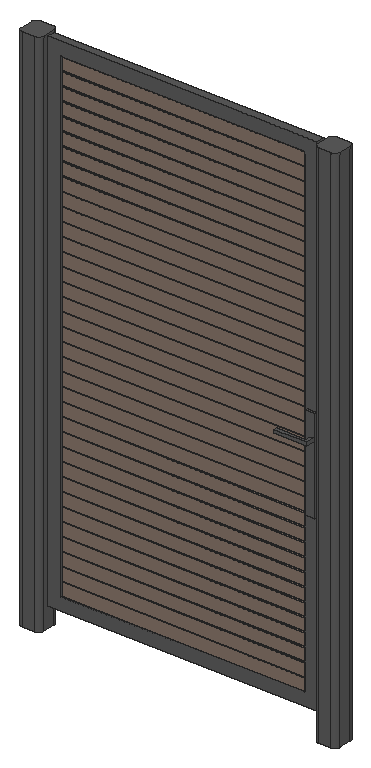
Revit family "NewTechWood-UltraEasy_Fencing-Gate", category Specialty Equipment, Revit 2026
Family settings
  Round Connector Dimension = Use Diameter
  Part Type = Normal
  Work Plane-Based = No
  Enable Cutting in Views = No
  Always vertical = Yes
  Cut with Voids When Loaded = No
  Maintain Annotation Orientation = No
  Shared = No
  Room Calculation Point = No
Parameters (values of type "UH66")
  Width = 37.79528"  # constant formula
  Right Post Sleeve Masking Region [instance] = Right Post Sleeve  # yes
  Left Post Sleeve Masking Region [instance] = Left Post Sleeve  # yes
  Frame Thickness = 1.10236"  # constant formula
  Post Height = 74.80315"  # constant formula
  Panel Thickness = 0.82677"  # constant formula
  URL = "https://www.newtechwood.com/"
  Trim Material [instance] = Arcat - NewTechWood - Black Matte
  Specification = ""
  SpecWizard = ""
  Sales Information = "https://www.newtechwood.com/contact-us/"
  Right Post Sleeve [instance] = yes
  Product Properties = ""
  Product Data = "https://www.arcat.com/arcatcos/cos52/arc52279.html"
  Post Sleeve Material [instance] = Arcat - NewTechWood - Black Matte
  Panel Length = Post Center To Post Center - (1.5748" * 2)  # 38.46457"
  Model = "Fence Gate UH66"
  Manufacturer Phone - Toll Free = "1-866-728-5273"
  Manufacturer Phone = "1-281-570-6450"
  Manufacturer Fax = "1-281-661-1167"
  Manufacturer Email = "inquiry@newtechwood.com"
  Manufacturer Address = "15912 International Plaza Drive, Houston, Texas 77032"
  Manufacturer = "NewTechWood America Inc."
  Post Center To Post Center = 41.61417"  # constant formula
  Left Post Sleeve [instance] = yes
  Installation-Fabrication = "https://www.newtechwood.com/product/fence-gates/"
  Gate Height = 71.65354"  # constant formula
  Green Building-LEED = ""
  Fence Board Material [instance] = Arcat - NewTechWood - TK - Peruvian Teak
  Description = "UltraShield® Naturale™ UltraEasy Fence Gate, 38\" Width x 72\" Height x 1.125\" Thickness, With Capped Composite Board, 6\" Height x 0.8\" Thickness x 34\" Width"
  Default Elevation = 0"
  Copyright = "© 2025 ARCAT"  # constant formula
  Construction Details = "https://www.arcat.com/company/newtechwood-america-inc-52279/cad"
Reference planes (in)
  plane 1 "Center (Front/Back)": y = 0
  plane 2: z = 0
  plane 3 "Center (Left/Right)": x = 0
  plane 4 "Top": z = 74.80315
  plane 5 "Left": x = -20.80709
  plane 6 "Right": x = 20.80709
  plane 7 "Left Frame": x = -18.89764
  plane 8 "Right Frame": x = 18.89764
  plane 9 "Bottom Frame": z = 3.14961
  plane 10 "Middle": z = 37.40157
Forms (in)
  Extrusion 1, solid, material "Arcat - NewTechWood - TK - Peruvian Teak" <- "Fence Board Material"
    sketch origin (0, 0, 0) x (0, 1, 0) y (0, 0, 1)
      loop
        line (0.41339, 6.69291) -> (0.21654, 6.69291) -> (0.21654, 6.85039) -> (0.41339, 6.85039) -> (0.41339, 8.58268) -> (0.21654, 8.58268) -> (0.21654, 8.74016) -> (0.41339, 8.74016) -> (0.41339, 10.47244) -> (0.21654, 10.47244) -> (0.21654, 10.62992) -> (0.41339, 10.62992) -> (0.41339, 12.3622) -> (0.21654, 12.3622) -> (0.21654, 12.51969) -> (0.41339, 12.51969) -> (0.41339, 14.25197) -> (0.21654, 14.25197) -> (0.21654, 14.40945) -> (0.41339, 14.40945) -> (0.41339, 16.14173) -> (0.21654, 16.14173) -> (0.21654, 16.29921) -> (0.41339, 16.29921) -> (0.41339, 18.0315) -> (0.21654, 18.0315) -> (0.21654, 18.18898) -> (0.41339, 18.18898) -> (0.41339, 19.92126) -> (0.21654, 19.92126) -> (0.21654, 20.07874) -> (0.41339, 20.07874) -> (0.41339, 21.81102) -> (0.21654, 21.81102) -> (0.21654, 21.9685) -> (0.41339, 21.9685) -> (0.41339, 23.70079) -> (0.21654, 23.70079) -> (0.21654, 23.85827) -> (0.41339, 23.85827) -> (0.41339, 25.59055) -> (0.21654, 25.59055) -> (0.21654, 25.74803) -> (0.41339, 25.74803) -> (0.41339, 27.48031) -> (0.21654, 27.48031) -> (0.21654, 27.6378) -> (0.41339, 27.6378) -> (0.41339, 29.37008) -> (0.21654, 29.37008) -> (0.21654, 29.52756) -> (0.41339, 29.52756) -> (0.41339, 31.25984) -> (0.21654, 31.25984) -> (0.21654, 31.41732) -> (0.41339, 31.41732) -> (0.41339, 33.14961) -> (0.21654, 33.14961) -> (0.21654, 33.30709) -> (0.41339, 33.30709) -> (0.41339, 35.03937) -> (0.21654, 35.03937) -> (0.21654, 35.19685) -> (0.41339, 35.19685) -> (0.41339, 36.92913) -> (0.21654, 36.92913) -> (0.21654, 37.08661) -> (0.41339, 37.08661) -> (0.41339, 38.8189) -> (0.21654, 38.8189) -> (0.21654, 38.97638) -> (0.41339, 38.97638) -> (0.41339, 40.70866) -> (0.21654, 40.70866) -> (0.21654, 40.86614) -> (0.41339, 40.86614) -> (0.41339, 42.59843) -> (0.21654, 42.59843) -> (0.21654, 42.75591) -> (0.41339, 42.75591) -> (0.41339, 44.48819) -> (0.21654, 44.48819) -> (0.21654, 44.64567) -> (0.41339, 44.64567) -> (0.41339, 46.37795) -> (0.21654, 46.37795) -> (0.21654, 46.53543) -> (0.41339, 46.53543) -> (0.41339, 48.26772) -> (0.21654, 48.26772) -> (0.21654, 48.4252) -> (0.41339, 48.4252) -> (0.41339, 50.15748) -> (0.21654, 50.15748) -> (0.21654, 50.31496) -> (0.41339, 50.31496) -> (0.41339, 52.04724) -> (0.21654, 52.04724) -> (0.21654, 52.20472) -> (0.41339, 52.20472) -> (0.41339, 53.93701) -> (0.21654, 53.93701) -> (0.21654, 54.09449) -> (0.41339, 54.09449) -> (0.41339, 55.82677) -> (0.21654, 55.82677) -> (0.21654, 55.98425) -> (0.41339, 55.98425) -> (0.41339, 57.71654) -> (0.21654, 57.71654) -> (0.21654, 57.87402) -> (0.41339, 57.87402) -> (0.41339, 59.6063) -> (0.21654, 59.6063) -> (0.21654, 59.76378) -> (0.41339, 59.76378) -> (0.41339, 61.49606) -> (0.21654, 61.49606) -> (0.21654, 61.65354) -> (0.41339, 61.65354) -> (0.41339, 63.38583) -> (0.21654, 63.38583) -> (0.21654, 63.54331) -> (0.41339, 63.54331) -> (0.41339, 65.27559) -> (0.21654, 65.27559) -> (0.21654, 65.43307) -> (0.41339, 65.43307) -> (0.41339, 67.16535) -> (0.21654, 67.16535) -> (0.21654, 67.32283) -> (0.41339, 67.32283) -> (0.41339, 69.05512) -> (0.21654, 69.05512) -> (0.21654, 69.2126) -> (0.41339, 69.2126) -> (0.41339, 70.94488) -> (0.21654, 70.94488) -> (0.21654, 71.10236) -> (0.41339, 71.10236) -> (0.41339, 72.83465) -> (0.21654, 72.83465) -> (0.21654, 72.99213) -> (-0.21654, 72.99213) -> (-0.21654, 72.83465) -> (-0.41339, 72.83465) -> (-0.41339, 71.10236) -> (-0.21654, 71.10236) -> (-0.21654, 70.94488) -> (-0.41339, 70.94488) -> (-0.41339, 69.2126) -> (-0.21654, 69.2126) -> (-0.21654, 69.05512) -> (-0.41339, 69.05512) -> (-0.41339, 67.32283) -> (-0.21654, 67.32283) -> (-0.21654, 67.16535) -> (-0.41339, 67.16535) -> (-0.41339, 65.43307) -> (-0.21654, 65.43307) -> (-0.21654, 65.27559) -> (-0.41339, 65.27559) -> (-0.41339, 63.54331) -> (-0.21654, 63.54331) -> (-0.21654, 63.38583) -> (-0.41339, 63.38583) -> (-0.41339, 61.65354) -> (-0.21654, 61.65354) -> (-0.21654, 61.49606) -> (-0.41339, 61.49606) -> (-0.41339, 59.76378) -> (-0.21654, 59.76378) -> (-0.21654, 59.6063) -> (-0.41339, 59.6063) -> (-0.41339, 57.87402) -> (-0.21654, 57.87402) -> (-0.21654, 57.71654) -> (-0.41339, 57.71654) -> (-0.41339, 55.98425) -> (-0.21654, 55.98425) -> (-0.21654, 55.82677) -> (-0.41339, 55.82677) -> (-0.41339, 54.09449) -> (-0.21654, 54.09449) -> (-0.21654, 53.93701) -> (-0.41339, 53.93701) -> (-0.41339, 52.20472) -> (-0.21654, 52.20472) -> (-0.21654, 52.04724) -> (-0.41339, 52.04724) -> (-0.41339, 50.31496) -> (-0.21654, 50.31496) -> (-0.21654, 50.15748) -> (-0.41339, 50.15748) -> (-0.41339, 48.4252) -> (-0.21654, 48.4252) -> (-0.21654, 48.26772) -> (-0.41339, 48.26772) -> (-0.41339, 46.53543) -> (-0.21654, 46.53543) -> (-0.21654, 46.37795) -> (-0.41339, 46.37795) -> (-0.41339, 44.64567) -> (-0.21654, 44.64567) -> (-0.21654, 44.48819) -> (-0.41339, 44.48819) -> (-0.41339, 42.75591) -> (-0.21654, 42.75591) -> (-0.21654, 42.59843) -> (-0.41339, 42.59843) -> (-0.41339, 40.86614) -> (-0.21654, 40.86614) -> (-0.21654, 40.70866) -> (-0.41339, 40.70866) -> (-0.41339, 38.97638) -> (-0.21654, 38.97638) -> (-0.21654, 38.8189) -> (-0.41339, 38.8189) -> (-0.41339, 37.08661) -> (-0.21654, 37.08661) -> (-0.21654, 36.92913) -> (-0.41339, 36.92913) -> (-0.41339, 35.19685) -> (-0.21654, 35.19685) -> (-0.21654, 35.03937) -> (-0.41339, 35.03937) -> (-0.41339, 33.30709) -> (-0.21654, 33.30709) -> (-0.21654, 33.14961) -> (-0.41339, 33.14961) -> (-0.41339, 31.41732) -> (-0.21654, 31.41732) -> (-0.21654, 31.25984) -> (-0.41339, 31.25984) -> (-0.41339, 29.52756) -> (-0.21654, 29.52756) -> (-0.21654, 29.37008) -> (-0.41339, 29.37008) -> (-0.41339, 27.6378) -> (-0.21654, 27.6378) -> (-0.21654, 27.48031) -> (-0.41339, 27.48031) -> (-0.41339, 25.74803) -> (-0.21654, 25.74803) -> (-0.21654, 25.59055) -> (-0.41339, 25.59055) -> (-0.41339, 23.85827) -> (-0.21654, 23.85827) -> (-0.21654, 23.70079) -> (-0.41339, 23.70079) -> (-0.41339, 21.9685) -> (-0.21654, 21.9685) -> (-0.21654, 21.81102) -> (-0.41339, 21.81102) -> (-0.41339, 20.07874) -> (-0.21654, 20.07874) -> (-0.21654, 19.92126) -> (-0.41339, 19.92126) -> (-0.41339, 18.18898) -> (-0.21654, 18.18898) -> (-0.21654, 18.0315) -> (-0.41339, 18.0315) -> (-0.41339, 16.29921) -> (-0.21654, 16.29921) -> (-0.21654, 16.14173) -> (-0.41339, 16.14173) -> (-0.41339, 14.40945) -> (-0.21654, 14.40945) -> (-0.21654, 14.25197) -> (-0.41339, 14.25197) -> (-0.41339, 12.51969) -> (-0.21654, 12.51969) -> (-0.21654, 12.3622) -> (-0.41339, 12.3622) -> (-0.41339, 10.62992) -> (-0.21654, 10.62992) -> (-0.21654, 10.47244) -> (-0.41339, 10.47244) -> (-0.41339, 8.74016) -> (-0.21654, 8.74016) -> (-0.21654, 8.58268) -> (-0.41339, 8.58268) -> (-0.41339, 6.85039) -> (-0.21654, 6.85039) -> (-0.21654, 6.69291) -> (-0.41339, 6.69291) -> (-0.41339, 4.96063) -> (0.41339, 4.96063) -> (0.41339, 6.69291)
    from -17.08661 to 17.08661
  Sweep 2, solid, material "Arcat - NewTechWood - Black Matte" <- "Trim Material"
    path origin (0, 0, 0.90561) x (1, 0, 0) y (0, 0, 1)
      loop
        line (-18.89764, 2.244) -> (18.89764, 2.244) -> (18.89764, 73.89754) -> (-18.89764, 73.89754) -> (-18.89764, 2.244)
    profile origin (-18.89764, 0, 38.97638) x (-1, 0, 0) y (0, -1, 0)
      loop
        line (0, -0.55118) -> (0, 0.55118) -> (-1.81102, 0.55118) -> (-1.81102, -0.55118) -> (0, -0.55118)
Lines and regions (in)
  Masking region 1, visible <- "Left Post Sleeve Masking Region"
    outline origin (0, 0, 0) x (1, 0, 0) y (0, 1, 0)
      loop
        arc (-19.23228, 0.86614) -> (-19.43985, 1.36724) -> (-19.94094, 1.5748) r 0.70866
        line (-19.94094, 1.5748) -> (-21.67323, 1.5748)
        arc (-21.67323, 1.5748) -> (-22.17433, 1.36724) -> (-22.38189, 0.86614) r 0.70866
        line (-22.38189, 0.86614) -> (-22.38189, -0.86614)
        arc (-22.38189, -0.86614) -> (-22.17433, -1.36724) -> (-21.67323, -1.5748) r 0.70866
        line (-21.67323, -1.5748) -> (-19.94094, -1.5748)
        arc (-19.94094, -1.5748) -> (-19.43985, -1.36724) -> (-19.23228, -0.86614) r 0.70866
        line (-19.23228, -0.86614) -> (-19.23228, -0.33465)
        arc (-19.23228, -0.33465) -> (-18.89764, 0) -> (-19.23228, 0.33465) r 0.33465
        line (-19.23228, 0.33465) -> (-19.23228, 0.86614)
  Masking region 2, visible <- "Right Post Sleeve Masking Region"
    outline origin (0, 0, 0) x (1, 0, 0) y (0, 1, 0)
      loop
        arc (19.94094, 1.5748) -> (19.43985, 1.36724) -> (19.23228, 0.86614) r 0.70866
        line (19.23228, 0.86614) -> (19.23228, 0.57882) -> (18.89764, 0.57882) -> (18.89764, -0.86614) -> (19.23228, -0.86614)
        arc (19.23228, -0.86614) -> (19.43985, -1.36724) -> (19.94094, -1.5748) r 0.70866
        line (19.94094, -1.5748) -> (21.67323, -1.5748)
        arc (21.67323, -1.5748) -> (22.17433, -1.36724) -> (22.38189, -0.86614) r 0.70866
        line (22.38189, -0.86614) -> (22.38189, 0.86614)
        arc (22.38189, 0.86614) -> (22.17433, 1.36724) -> (21.67323, 1.5748) r 0.70866
        line (21.67323, 1.5748) -> (19.94094, 1.5748)
  symbolic lines
    curve 1: line (-18.89764, 37.24409, 0) -> (-17.79528, 37.24409, 0)
    curve 2: line (-18.89764, 0.55118, 0) -> (-18.89764, 37.24409, 0)
    curve 3: line (-17.79528, 0.55118, 0) -> (-18.89764, 0.55118, 0)
    curve 4: line (-17.79528, 37.24409, 0) -> (-17.79528, 0.55118, 0)
    curve 5: arc (-18.89764, 37.24409, 0) -> (7.82766, 26.17411, 0) -> (18.89764, -0.55118, 0) r 37.79528
  symbolic lines, visible <- "Left Post Sleeve Masking Region"
    curve 6: line (-19.23228, 0.33465, 0) -> (-19.23228, -0.33465, 0)
  symbolic lines, visible <- "Right Post Sleeve Masking Region"
    curve 7: line (19.23228, 0.57882, 0) -> (19.23228, -0.86614, 0)
Dimensions and locks (in)
  "Post Center To Post Center": plane 5 "Left" to plane 6 "Right"
  equal spacing: plane 5 "Left", plane 3 "Center (Left/Right)", plane 6 "Right"
  equal spacing: plane 7 "Left Frame", plane 3 "Center (Left/Right)", plane 8 "Right Frame"
  "Width": plane 7 "Left Frame" to plane 8 "Right Frame"
  locked: plane 8 "Right Frame" to Extrusion 1 at 1.81102
  locked: plane 7 "Left Frame" to Extrusion 1 at 1.81102
  "Gate Height": plane 4 "Top" to plane 9 "Bottom Frame"
  equal spacing: plane 4 "Top", plane 10 "Middle", plane 2
  locked: nested 4 to plane 1 "Center (Front/Back)" at 0.55118
  locked: plane 1 "Center (Front/Back)" to nested 3 at 0.55118
  equal spacing: Sweep 2 sketch curve, profile plane, Sweep 2 sketch curve
  "Post Height": plane 2 to plane 4 "Top"
  aligned and locked: plane 2 to level
  aligned and locked: plane 5 "Left" to nested 1
  aligned and locked: plane 1 "Center (Front/Back)" to nested 1
  aligned and locked: plane 4 "Top" to nested 1
  aligned and locked: nested 2 to plane 6 "Right"
  aligned and locked: plane 1 "Center (Front/Back)" to nested 2
  aligned and locked: profile plane to Sweep 2 sketch curve
  aligned and locked: Sweep 2 sketch curve to plane 4 "Top"
  aligned and locked: Sweep 2 sketch curve to plane 8 "Right Frame"
  aligned and locked: plane 7 "Left Frame" to Sweep 2 sketch curve
  aligned and locked: Sweep 2 sketch curve to plane 9 "Bottom Frame"
  aligned and locked: plane 8 "Right Frame" to nested 3
  aligned and locked: plane 10 "Middle" to nested 3
  aligned and locked: nested 4 to plane 10 "Middle"
  aligned and locked: plane 7 "Left Frame" to curve 2
  aligned and locked: Sweep 2 to curve 3
  aligned and locked: nested 4 to Sweep 2
  aligned and locked: Sweep 2 to nested 3
Automatic sketch dimensions
  plane 1 "Center (Front/Back)" to Extrusion 1 sketch curve = 0.41339"  (x20)
  Extrusion 1 sketch curve to Extrusion 1 sketch curve = 0"  (x71)
  Extrusion 1 sketch curve to Extrusion 1 sketch curve = 0.19685"  (x52)
  plane 1 "Center (Front/Back)" to Extrusion 1 sketch curve = 0.21654"
  Extrusion 1 sketch curve to plane 1 "Center (Front/Back)" = 0.21654"  (x36)
  level to Extrusion 1 sketch curve = 4.96063"
  Extrusion 1 sketch curve to Extrusion 1 sketch curve = 1.73228"  (x36)
  Extrusion 1 sketch curve to Extrusion 1 sketch curve = 0.15748"  (x71)
  profile plane to Sweep 2 sketch curve = 1.81102"
  Sweep 2 sketch curve to plane 1 "Center (Front/Back)" = 0.55118"
  plane 1 "Center (Front/Back)" to Masking region 1 sketch curve = 0"
  Masking region 1 sketch curve to plane 7 "Left Frame" = 0.33465"
  Masking region 1 sketch curve to Masking region 1 sketch curve = 0.70866"  (x2)
  plane 5 "Left" to Masking region 1 sketch curve = 0.86614"
  Masking region 1 sketch curve to plane 5 "Left" = 0.86614"  (x2)
  plane 1 "Center (Front/Back)" to Masking region 1 sketch curve = 0.33465"
  Masking region 1 sketch curve to Masking region 1 sketch curve = 0.5315"
  Masking region 1 sketch curve to plane 1 "Center (Front/Back)" = 0.86614"
  curve 5 to plane 8 "Right Frame" = 0"
  plane 7 "Left Frame" to curve 3 = 1.10236"
  plane 1 "Center (Front/Back)" to curve 5 = 0.55118"
  curve 6 to plane 7 "Left Frame" = 0.33465"
  plane 8 "Right Frame" to curve 7 = 0.33465"
  curve 6 to plane 1 "Center (Front/Back)" = 0.33465"
  plane 1 "Center (Front/Back)" to curve 6 = 0.33465"
  curve 7 to curve 5 = 0.31496"
  curve 7 to plane 1 "Center (Front/Back)" = 0.57882"
  Masking region 2 sketch curve to plane 8 "Right Frame" = 0"
  Masking region 2 sketch curve to Masking region 2 sketch curve = 0.33465"  (x2)
  plane 6 "Right" to Masking region 2 sketch curve = 0.86614"  (x2)
  Masking region 2 sketch curve to plane 6 "Right" = 0.86614"  (x2)
  Masking region 2 sketch curve to Masking region 2 sketch curve = 0.70866"
  plane 1 "Center (Front/Back)" to Masking region 2 sketch curve = 1.5748"
  Masking region 2 sketch curve to plane 1 "Center (Front/Back)" = 0.57882"
  Masking region 2 sketch curve to Masking region 2 sketch curve = 0.28733"
Nested families (in)
  nested 1: "NEST_Post-Sleeve" at (-20.80709, 0, 0), visible <- "Left Post Sleeve", Post Sleeve Material <- "Post Sleeve Material", type "NEST_Post-Sleeve"
    with Post Sleeve Material Arcat - NewTechWood - Black Matte
  nested 2: "NEST_Post-Sleeve" at (20.80709, 0, 0), visible <- "Right Post Sleeve", Post Sleeve Material <- "Post Sleeve Material", type "NEST_Post-Sleeve"
    with Post Sleeve Material Arcat - NewTechWood - Black Matte
  nested 3: "NEST_Gate-Handle" at (18.46653, -0.55118, 37.40157), Handle Material <- "Trim Material", type "NEST_Gate-Handle"
  nested 4: "NEST_Gate-Handle" at (18.46653, 0.55118, 37.40157), Handle Material <- "Trim Material", type "NEST_Gate-Handle"
Definition of nested family "NEST_Post-Sleeve"
  Parameters (values of type "NEST_Post-Sleeve")
    Post Sleeve Material [instance] = none
    Default Elevation = 0"
  Reference planes (in)
    plane 1 "Center (Front/Back)": y = 0
    plane 2: z = 0
    plane 3 "Center (Left/Right)": x = 0
    plane 4 "Top": z = 74.80315
  Forms (in)
    Extrusion 1, solid, material <- "Post Sleeve Material"
      sketch origin (-35.43307, 0, 0) x (1, 0, 0) y (0, 1, 0)
        loop
          line (36.29921, 1.5748) -> (34.56693, 1.5748)
          arc (34.56693, 1.5748) -> (34.06583, 1.36724) -> (33.85827, 0.86614) r 0.70866
          line (33.85827, 0.86614) -> (33.85827, -0.86614)
          arc (33.85827, -0.86614) -> (34.06583, -1.36724) -> (34.56693, -1.5748) r 0.70866
          line (34.56693, -1.5748) -> (36.29921, -1.5748)
          arc (36.29921, -1.5748) -> (36.80031, -1.36724) -> (37.00787, -0.86614) r 0.70866
          line (37.00787, -0.86614) -> (37.00787, 0.86614)
          arc (37.00787, 0.86614) -> (36.80031, 1.36724) -> (36.29921, 1.5748) r 0.70866
      from 0 to 74.80315
  Dimensions and locks (in)
    equal spacing: Extrusion 1 sketch curve, plane 1 "Center (Front/Back)", Extrusion 1 sketch curve
    equal spacing: Extrusion 1 sketch curve, plane 3 "Center (Left/Right)", Extrusion 1 sketch curve
    aligned and locked: plane 2 to level
    aligned and locked: plane 4 "Top" to Extrusion 1
Definition of nested family "NEST_Gate-Handle"
  Parameters (values of type "NEST_Gate-Handle")
    Handle Material [instance] = none
    Default Elevation = 0"
  Reference planes (in)
    plane 1 "Center (Front/Back)": y = 0
    plane 2: z = 0
    plane 3 "Center (Left/Right)": x = 0
  Forms (in)
    Extrusion 1, solid, material <- "Handle Material"
      sketch origin (0, 0, 0) x (1, 0, 0) y (0, 0, 1)
        loop
          line (0.43111, 3.34646) -> (-0.88583, 3.34646) -> (-0.88583, -9.84252) -> (0.43111, -9.84252) -> (0.43111, 3.34646)
      from 0 to 0.3937
    Sweep 2, solid, material <- "Handle Material"
      path origin (0, 0, 0) x (1, 0, 0) y (0, 1, 0)
        loop
          line (0, -0.3937) -> (0, -1.37795) -> (-4.33071, -1.37795)
      profile origin (0, -0.88583, 0) x (1, 0, 0) y (0, 0, 1)
        loop
          line (0.22434, 0.22536) -> (-0.22434, 0.22536) -> (-0.22434, -0.22536) -> (0.22434, -0.22536) -> (0.22434, 0.22536)
  Dimensions and locks (in)
    Extrusion 1 sketch curve to plane 2 to Extrusion 1 sketch curve = 3.34646" locked, 9.84252" locked
    locked: Extrusion 1 to plane 1 "Center (Front/Back)" at 0.3937
    equal spacing: Sweep 2 sketch curve, profile plane, Sweep 2 sketch curve  (x2)
    Extrusion 1 sketch curve to plane 3 "Center (Left/Right)" to Extrusion 1 sketch curve = 0.88583" locked, 0.43111" locked
    aligned and locked: plane 2 to level
    aligned and locked: Sweep 2 sketch curve to plane 3 "Center (Left/Right)"
